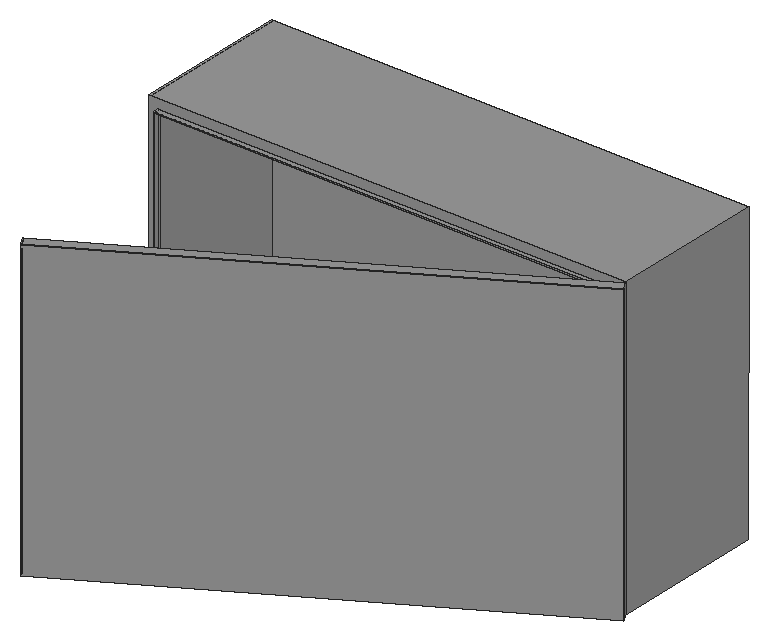
Revit family "Hager-Univers-IP55-D275-H500-Cl.II-Steel_encl-NoHosted-SE-en", category Equipement électrique, Revit 2020
Family settings
  Configuration du panneau = Deux colonnes, circuits au sein
  Cote de connecteur circulaire = Utiliser le diamètre
  Type d'élément = Tableau de raccordement
  Basée sur le plan de construction = Oui
  Toujours verticalement = Oui
  Couper avec des vides une fois chargée = Non
  Partagée = Non
  Point de calcul de pièce = Non
Parameters (values of type "Surface mounted (plaster) IP55 W800 H500 D275  - FR33S")
  Width Control [instance] = if([EF000008 - Width] > Min Width, [EF000008 - Width], Min Width)  # 800 mm
  Commentaires du type = [HG000003 - Range]  # "Univers"
  Thickness Door [instance] = if([EF009171 - Material plate thickness door/cover] > 3 mm, 3 mm, [EF009171 - Material plate thickness door/cover])  # 1.5 mm
  Seal Frame Offset [instance] = 17 mm  # constant formula
  Plinth Visibility [instance] = [HG000027 - Plinth height] > 0 mm  # no
  Min Width [instance] = 100 mm  # constant formula
  Min Depth [instance] = (2 * [EF009170 - Material plate thickness cabinet]) + 1 mm  # 4 mm
  Min Height [instance] = 100 mm  # constant formula
  Internal Frame Depth [instance] = (Door System Depth * 0.5)  # 9 mm
  Panel Name [instance] = ""  # (empty or 0)
  Model = ""
  HG000027 - Plinth height = 0 mm
  HG000026 - Floor standing = no
  HG000024 - Bottom section height = 600 mm
  HG000023 - Double section enclosure = no
  HG000016 - Door 3d visibility [instance] = yes
  HG000015 - Clearance visibility [instance] = no
  HG000014 - Door on the right [instance] = yes
  HG000013 - Door on the left [instance] = not([HG000014 - Door on the right])  # no
  HG000012 - Door swing angle [instance] = 30.00°
  HG000010 - Asymmetric doors = no
  HG000009 - Double swing door = no
  HG000006 - Flush mounted = no
  HG000004 - Manufacturer reference = "FR33S"
  HG000003 - Range = "Univers"
  HG000002 - With door or cover = yes
  Frame Offset Bottom [instance] = 10 mm  # constant formula
  Frame Offset [instance] = 15 mm  # constant formula
  EF015940 - Cover with overpressure release = no
  EF011959 - Degree of protection (NEMA) = ""
  EF009554 - Number of openings for flange plates = 6
  EF009212 - Cover model = "EV000116 - Closed"
  EF009171 - Material plate thickness door/cover = 1.5 mm
  EF009170 - Material plate thickness cabinet = 1.5 mm
  EF008873 - Nominal current (In) = 800 A
  EF007800 - Suitable for lightning protection = no
  EF006306 - With lock = no
  EF006244 - Transparent cover/door = no
  EF005474 - Degree of protection (IP) = "EV006420 - IP55"
  EF004464 - Type of door = "EV002646 - Single"
  EF004427 - Number of modules = 108
  EF004293 - Impact strength = "EV008784 - IK10"
  EF003532 - Suitable for outdoor use = no
  EF002950 - Width in number of modular spacings = 24
  EF001613 - Circuit integrity = "EV000494 - None"
  EF001596 - Material housing = "EV000179 - Steel"
  EF001131 - Internal depth = 275 mm
  EF001088 - Extension possible = yes
  EF000437 - Number of conduit inlets = 6
  EF000339 - Type of cover = "EV004216 - Door"
  EF000266 - Number of rows = 3
  EF000218 - Built-in depth = 0 mm
  EF000118 - With mounting plate = no
  EF000116 - RAL-number = "7035"
  EF000049 - Depth = 275 mm
  EF000040 - Height = 500 mm
  EF000008 - Width = 800 mm
  EF000007 - Colour = "EV000270 - Grey"
  EF000003 - Mounting method = "EV000384 - Surface mounted (plaster)"
  Door System Leaf Tolerance [instance] = 1.5 mm  # constant formula
  Door System Depth [instance] = 18 mm  # constant formula
  Door Height [instance] = Height Control - [HG000027 - Plinth height]  # 500 mm
  Description = ""
  Default Elevation = 1219.2 mm
  Connector Offset [instance] = Height Control / 2  # 250 mm
  Fabricant = "Hager"  # constant formula
  Height Control [instance] = if([EF000040 - Height] > Min Height, [EF000040 - Height], Min Height)  # 500 mm
  Depth Control [instance] = if([EF000049 - Depth] > Min Depth, [EF000049 - Depth], Min Depth)  # 275 mm
  Bottom Top Plate Trim [instance] = 1.5 mm  # constant formula
  Plinth height Ctrl [instance] = if([HG000027 - Plinth height] > 0 mm, [HG000027 - Plinth height], 12 mm)  # 12 mm
Types (5, lengths in mm): name | Width Control | HG000010 - Asymmetric doors | HG000009 - Double swing door | HG000004 - Manufacturer reference | EF009554 - Number of openings for flange plates | EF004464 - Type of door | EF004427 - Number of modules | EF000437 - Number of conduit inlets | EF000008 - Width
  Surface mounted (plaster) IP55 W1050 H500 D275  - FR34S | 1050 | no | yes | "FR34S" | 8 | "EV003602 - Double" | 144 | 8 | 1050
  Surface mounted (plaster) IP55 W1300 H500 D275  - FR35S | 1300 | yes | yes | "FR35S" | 10 | "EV003602 - Double" | 180 | 10 | 1300
  Surface mounted (plaster) IP55 W300 H500 D275  - FR31S | 300 | no | no | "FR31S" | 2 | "EV002646 - Single" | 36 | 2 | 300
  Surface mounted (plaster) IP55 W550 H500 D275  - FR32S | 550 | no | no | "FR32S" | 4 | "EV002646 - Single" | 72 | 4 | 550
  Surface mounted (plaster) IP55 W800 H500 D275  - FR33S | 800 | no | no | "FR33S" | 6 | "EV002646 - Single" | 108 | 6 | 800
Reference planes
  plane 1 "Center (Front/Back)": y = 0
  plane 2: z = 0
  plane 3 "Center (Left/Right)": x = 0
  plane 4: y = 0
  plane 5: y = 0
  plane 6: z = 0
  plane 7: x = -400
  plane 8: x = 400
  plane 9: x = 398.5
  plane 10: x = -398.5
  plane 11: z = 0
  plane 12: z = 1.5
  plane 13: y = -275
  plane 14: y = -1.5
  plane 15: x = 0
  plane 16: y = -257
  plane 17: y = -273.5
  plane 18: y = -255.5
  plane 19: x = -383.5
  plane 20: x = 383.5
  plane 21: z = 11.5
  plane 22: x = -383
  plane 23: x = 383
  plane 24: z = 0
  plane 25: z = 500
  plane 26: z = 500
  plane 27: z = 483.5
  plane 28: z = 498.5
Forms (mm)
  Extrusion 1, solid, material "Hager_Steel_RAL7035_Light_Grey", detail levels medium+fine
    sketch origin (-208.679, -4572, 0) x (-1, 0, 0) y (0, -1, 0)
      loop
        line (191.321, -4315) -> (-608.679, -4315) -> (-608.679, -4572) -> (191.321, -4572) -> (191.321, -4315)
    from 0 to 500
  Extrusion 2, void
    sketch origin (-350.771, -275, 1219.2) x (1, 0, 0) y (0, 0, 1)
      loop
        line (-47.729, -720.7) -> (-47.729, -1217.7) -> (749.271, -1217.7) -> (749.271, -720.7) -> (-47.729, -720.7)
    from -19.5 to -273.5
  Extrusion 3, void
    sketch origin (-290.084, -257, 1219.2) x (1, 0, 0) y (0, 0, 1)
      loop
        line (-93.416, -1207.7) -> (673.584, -1207.7) -> (673.584, -735.7) -> (-93.416, -735.7) -> (-93.416, -1207.7)
    from 0 to -1.5
  Extrusion 4, solid, material "Hager_Steel_RAL7035_Light_Grey", visible <- "Plinth Visibility", detail levels medium+fine
    sketch origin (0, 0, 0) x (1, 0, 0) y (0, 1, 0)
      loop
        line (-400, 0) -> (-400, -257) -> (400, -257) -> (400, 0) -> (-400, 0)
    from 0 to 12 <- "Plinth height Ctrl"
  Extrusion 5, solid, material "Hager_Steel_RAL7035_Light_Grey", detail levels coarse
    sketch origin (0, 0, 0) x (1, 0, 0) y (0, 1, 0)
      loop
        line (-400, 0) -> (-400, -275) -> (400, -275) -> (400, 0) -> (-400, 0)
    from 0 to 500 <- "Height Control"
  Sweep 6, void
    path in 3D
      loop
        line (-400, -257, 12) -> (400, -257, 12) -> (400, 0, 12) -> (-400, 0, 12) -> (-400, -257, 12)
    profile origin (-400, -128.5, 12) x (1, 0, 0) y (0, 0, 1)
      loop
        line (0, 0) -> (0, -1.5) -> (1.5, -1.5)
        arc (1.5, -1.5) -> (1.061, -0.439) -> (0, 0) r 1.5
  Extrusion 7, solid, material "Hager_Steel_RAL7035_Light_Grey", detail levels fine
    sketch origin (-400, -257, 0) x (1, 0, 0) y (0, 0, 1)
      loop
        line (16.5, 11.5) -> (783.5, 11.5) -> (783.5, 483.5) -> (16.5, 483.5) -> (16.5, 11.5)
      loop
        line (15, 10) -> (785, 10) -> (785, 485) -> (15, 485) -> (15, 10)
    from 0 to 9 <- "Internal Frame Depth"
Cuts and joins
  Extrusion 2, Extrusion 3 cuts Extrusion 1
  Sweep 6 cuts Extrusion 4
Lines and regions (mm)
  Masking region 1
    outline origin (0, 0, 0) x (1, 0, 0) y (0, 1, 0)
      loop
        line (-400, 0) -> (-400, -275) -> (400, -275) -> (400, 0) -> (-400, 0)
  Masking region 2, detail levels coarse
    outline origin (-290.084, -257, 1219.2) x (-1, 0, 0) y (0, 0, 1)
      loop
        line (-690.084, -1219.2) -> (109.916, -1219.2) -> (109.916, -719.2) -> (-690.084, -719.2) -> (-690.084, -1219.2)
  Masking region 3, detail levels coarse
    outline origin (0, 0, 0) x (0, 1, 0) y (0, 0, 1)
      loop
        line (0, 0) -> (0, 500) -> (-275, 500) -> (-275, 0) -> (0, 0)
  Masking region 4, visible <- "Plinth Visibility", detail levels medium+fine
    outline origin (0, 0, 0) x (0, 1, 0) y (0, 0, 1)
      loop
        line (-1.5, 12) -> (-255.5, 12)
        arc (-255.5, 12) -> (-255.939, 10.939) -> (-257, 10.5) r 1.5
        line (-257, 10.5) -> (-257, 0) -> (0, 0) -> (0, 10.5)
        arc (0, 10.5) -> (-1.061, 10.939) -> (-1.5, 12) r 1.5
  Masking region 5, detail levels medium+fine
    outline origin (0, 0, 594.038) x (0, 1, 0) y (0, 0, 1)
      loop
        line (0, -594.038) -> (0, -94.038) -> (-257, -94.038) -> (-257, -594.038) -> (0, -594.038)
  Masking region 6, detail levels medium+fine
    outline origin (-359.7, -257, 1211.883) x (-1, 0, 0) y (0, 0, 1)
      loop
        line (-759.7, -1211.883) -> (40.3, -1211.883) -> (40.3, -711.883) -> (-759.7, -711.883) -> (-759.7, -1211.883)
  Masking region 7, visible <- "Plinth Visibility", detail levels medium+fine
    outline origin (-320.334, -257, 1041.368) x (-1, 0, 0) y (0, 0, 1)
      loop
        line (-720.334, -1041.368) -> (79.666, -1041.368) -> (79.666, -1030.868)
        arc (79.666, -1030.868) -> (78.606, -1030.429) -> (78.166, -1029.368) r 1.5
        line (78.166, -1029.368) -> (-718.834, -1029.368)
        arc (-718.834, -1029.368) -> (-719.273, -1030.429) -> (-720.334, -1030.868) r 1.5
        line (-720.334, -1030.868) -> (-720.334, -1041.368)
  sketch lines
    curve 1: line (-400, 0, 12) -> (-400, -257, 12)
    curve 2: line (-400, -257, 12) -> (400, -257, 12)
    curve 3: line (400, 0, 12) -> (-400, 0, 12)
    curve 4: line (400, -257, 12) -> (400, 0, 12)
Dimensions and locks
  locked: plane 1 "Center (Front/Back)" to plane 5
  "EF009170 - Material plate thickness cabinet": plane 7 to plane 10
  "EF009170 - Material plate thickness cabinet": plane 8 to plane 9
  equal spacing: plane 7, plane 3 "Center (Left/Right)", plane 8
  "Width Control": plane 7 to plane 8
  "Depth Control": plane 4 to plane 13
  "EF009170 - Material plate thickness cabinet": plane 4 to plane 14
  "Height Control": plane 25 to level
  "HG000027 - Plinth height": plane 11 to level
  "EF009170 - Material plate thickness cabinet": plane 12 to plane 11
  "EF009170 - Material plate thickness cabinet": plane 17 to plane 13
  "EF009170 - Material plate thickness cabinet": plane 18 to plane 16
  "Frame Offset Bottom": plane 21 to plane 12
  "Frame Offset": plane 10 to plane 19
  "Frame Offset": plane 9 to plane 20
  "Door System Depth": plane 16 to plane 13
  "Seal Frame Offset": plane 7 to plane 22
  "Seal Frame Offset": plane 8 to plane 23
  "EF009170 - Material plate thickness cabinet": plane 26 to plane 28
  "Frame Offset": plane 28 to plane 27
  "Connector Offset": plane 2 to connector elem
  "Bottom Top Plate Trim": profile plane to Sweep 6 sketch curve
  "Bottom Top Plate Trim": Sweep 6 sketch curve to Sweep 6 sketch curve
  "Plinth height Ctrl": Masking region 4 sketch curve to level
  "Plinth height Ctrl": Masking region 7 sketch curve to level
  "Thickness Door": Extrusion 7 sketch curve to Extrusion 7 sketch curve  (x4)
  "Bottom Top Plate Trim": radius of Sweep 6 sketch curve
  "Bottom Top Plate Trim": radius of Masking region 4 sketch curve  (x2)
  "Bottom Top Plate Trim": radius of Masking region 7 sketch curve  (x2)
  aligned and locked: Extrusion 2 sketch curve to plane 12
  aligned and locked: Extrusion 2 sketch curve to plane 9
  aligned and locked: Extrusion 2 sketch curve to plane 10
  aligned and locked: Extrusion 2 to plane 14
  aligned and locked: Extrusion 1 sketch curve to plane 4
  aligned and locked: plane 8 to Extrusion 1 sketch curve
  aligned and locked: plane 7 to Extrusion 1 sketch curve
  aligned and locked: Extrusion 2 to plane 18
  aligned and locked: plane 19 to Extrusion 3 sketch curve
  aligned and locked: plane 20 to Extrusion 3 sketch curve
  aligned and locked: Extrusion 3 to Extrusion 2
  aligned and locked: Extrusion 3 sketch curve to plane 21
  aligned and locked: plane 3 "Center (Left/Right)" to nested 1
  aligned and locked: Extrusion 1 sketch curve to plane 16
  aligned and locked: Extrusion 4 sketch curve to cut or joined group of Extrusion 1, Extrusion 2, Extrusion 3
  aligned and locked: Masking region 1 sketch curve to plane 7
  aligned and locked: Masking region 1 sketch curve to plane 5
  aligned and locked: Masking region 1 sketch curve to plane 8
  aligned and locked: Masking region 2 sketch curve to level
  aligned and locked: level to Masking region 3 sketch curve
  aligned and locked: plane 1 "Center (Front/Back)" to Masking region 3 sketch curve
  aligned and locked: plane 13 to Masking region 3 sketch curve
  aligned and locked: plane 5 to Masking region 4 sketch curve
  aligned and locked: Masking region 2 sketch curve to plane 8
  aligned and locked: Masking region 2 sketch curve to plane 7
  aligned and locked: plane 7 to nested 2
  aligned and locked: nested 2 to plane 5
  aligned and locked: plane 5 to Masking region 5 sketch curve
  aligned and locked: plane 26 to Masking region 5 sketch curve
  aligned and locked: Extrusion 5 sketch curve to plane 8
  aligned and locked: Extrusion 5 sketch curve to plane 7
  aligned and locked: Extrusion 5 sketch curve to plane 5
  aligned and locked: Extrusion 3 sketch curve to plane 27
  aligned and locked: Extrusion 2 sketch curve to plane 28
  aligned and locked: Masking region 2 to plane 25
  aligned and locked: Extrusion 4 to plane 16
  aligned and locked: profile plane to Sweep 6 sketch curve
  aligned and locked: Masking region 5 sketch curve to plane 24
  aligned and locked: level to Masking region 4 sketch curve
  aligned and locked: Masking region 1 to plane 13
  aligned and locked: nested 1 to plane 16
  aligned and locked: Masking region 3 to plane 25
  aligned and locked: plane 16 to Masking region 4 sketch curve
  aligned and locked: Masking region 5 sketch curve to plane 16
  aligned and locked: plane 24 to plane 11
  aligned and locked: plane 26 to plane 25
  aligned and locked: plane 26 to cut or joined group of Extrusion 1, Extrusion 2, Extrusion 3
  aligned and locked: nested 1 to plane 24
  aligned and locked: Extrusion 1 to Extrusion 3
  aligned and locked: Masking region 6 sketch curve to plane 8
  aligned and locked: Masking region 6 sketch curve to plane 24
  aligned and locked: Masking region 6 sketch curve to plane 7
  aligned and locked: Masking region 6 sketch curve to plane 26
  aligned and locked: Masking region 7 sketch curve to plane 7
  aligned and locked: level to Masking region 7 sketch curve
  aligned and locked: Masking region 7 sketch curve to plane 8
  aligned and locked: Extrusion 7 sketch curve to cut or joined group of Extrusion 1, Extrusion 2, Extrusion 3  (x4)
Automatic sketch dimensions
  plane 19 to Extrusion 3 sketch curve = 0 mm
  Extrusion 3 sketch curve to plane 20 = 0 mm
  Extrusion 3 sketch curve to plane 21 = 0 mm
  Extrusion 4 sketch curve to plane 7 = 0 mm
  Extrusion 4 sketch curve to plane 8 = 0 mm
  Extrusion 4 sketch curve to plane 16 = 0 mm
  Masking region 1 sketch curve to plane 13 = 0 mm
  Masking region 2 sketch curve to plane 25 = 0 mm
  Masking region 3 sketch curve to plane 25 = 0 mm
  Extrusion 5 sketch curve to plane 13 = 0 mm
  profile plane to Sweep 6 sketch curve = 0 mm
Nested families
  nested 1: "EC000058_Univers_Door" at (0, -257, 0), Double <- "HG000009 - Double swing door", Transparent <- "EF006244 - Transparent cover/door", Angle <- "HG000012 - Door swing angle", Door_Right <- "HG000014 - Door on the right", Assymetrical <- "HG000010 - Asymmetric doors", Door <- "HG000002 - With door or cover", Width_Ctrl <- "Width Control", 3d_Door <- "HG000016 - Door 3d visibility", Clearance <- "HG000015 - Clearance visibility", Door_Left <- "HG000013 - Door on the left", Width <- "Width Control", Door_Depth <- "Door System Depth", Leaf_Tolerance <- "Door System Leaf Tolerance", Height <- "Door Height", Lock_Visibility <- "EF006306 - With lock", Thickness <- "Thickness Door", type "EC000058_Univers_Door", detail levels medium+fine
    with min_wh 4 mm, Width_Ctrl 800 mm, Width 800 mm, Transparent no, Thickness 1.5 mm, Seal_Material Hager_Rubber, Lock_Visibility no, Lock_Material Hager_Plastic_RAL9005_Jet_Black, Leaf_Width 800 mm, Leaf_Tolerance_External_Sides 0 mm, Leaf_Tolerance 1.5 mm, Leaf_Offset 0 mm, Leaf_Height 497 mm, Leaf_2_Width 800 mm, Leaf_2_Offset 400 mm, Leaf_1_Width 800 mm, Leaf_1_Offset 400 mm, Height_Ctrl 500 mm, Height 500 mm, Glass_Material Hager_Glass, Double_Clearance_Ctrl no, Double no, Door_Right_Ctrl yes, Door_Right yes, Door_Material Hager_Steel_RAL7035_Light_Grey, Door_Left_Ctrl no, Door_Left no, Door_Depth 18 mm, Door yes, Clearance_Material Hager_Clearance, Clearance_Depth 800 mm, Clearance_Ctrl no, Clearance no, Assymetrical no, Angle 30.00°, 3d_Door yes
  nested 2: "Hager_Enclosure_Symbol" at (-400, 0, 0), Height <- "Depth Control", Width <- "Width Control", type "Hager_Enclosure_Symbol"
    with Width_Ctrl 800 mm, Width 800 mm, Height_Ctrl 275 mm, Height 275 mm, A_Width_Int 18.047 mm, A_Width 216.562 mm, A_Height_Ctrl 240.625 mm, A_Height 240.625 mm
Connectors
  electrical at (0, 0, 250)
    settings: on plane 1 "Center (Front/Back)", index 1, voltage 0 V, apparent load 0 VA, apparent load phase1 0 VA, apparent load phase2 0 VA, apparent load phase3 0 VA, power factor 1, load classification "Other", number of poles 1, system type 30, power factor state 1, is connector primary yes, connector utility no, sub classification motor no, connector description ""
Definition of nested family "EC000058_Univers_Door"
  Parameters (values of type "EC000058_Univers_Door")
    min_wh [instance] = (2 * Thickness) + 1 mm  # 11 mm
    Width_Ctrl [instance] = 400 mm
    Width [instance] = 500 mm
    Transparent [instance] = yes
    Thickness [instance] = 5 mm
    Seal_Material [instance] = none
    Lock_Visibility [instance] = yes
    Lock_Material [instance] = none
    Leaf_Width [instance] = if((Width_Ctrl - 2 * Leaf_Tolerance_External_Sides) > 0 mm, (Width_Ctrl - 2 * Leaf_Tolerance_External_Sides), min_wh)  # 400 mm
    Leaf_Tolerance_External_Sides [instance] = 0 mm  # constant formula
    Leaf_Tolerance [instance] = 1.5 mm
    Leaf_Offset [instance] = 0 mm  # constant formula
    Leaf_Height [instance] = if((Height_Ctrl - 2 * Leaf_Tolerance) > 0 mm, (Height_Ctrl - 2 * Leaf_Tolerance), min_wh)  # 497 mm
    Leaf_2_Width [instance] = if(and(and(Double, Assymetrical), Door_Left), (Leaf_Width / 3) - (Leaf_Tolerance / 2), if(and(and(Double, Assymetrical), Door_Right), (Leaf_Width / 3) * 2 - (Leaf_Tolerance / 2), if(and(Double, not(Assymetrical)), (Leaf_Width / 2) - Leaf_Tolerance, Leaf_Width)))  # 400 mm
    Leaf_2_Offset [instance] = if(and(Double, Assymetrical), Leaf_2_Width / 2, if(and(Double, not(Assymetrical)), Leaf_Width / 4, Leaf_Width / 2))  # 200 mm
    Leaf_1_Width [instance] = if(and(and(Double, Assymetrical), Door_Right), (Leaf_Width / 3) - (Leaf_Tolerance / 2), if(and(and(Double, Assymetrical), Door_Left), (Width / 3) * 2 - (Leaf_Tolerance / 2), if(and(Double, not(Assymetrical)), (Leaf_Width / 2) - Leaf_Tolerance, Leaf_Width)))  # 400 mm
    Leaf_1_Offset [instance] = if(and(Double, Assymetrical), Leaf_1_Width / 2, if(and(Double, not(Assymetrical)), Leaf_Width / 4, Leaf_Width / 2))  # 200 mm
    Height_Ctrl [instance] = if(Height > min_wh, Height, min_wh)  # 500 mm
    Height [instance] = 500 mm
    Glass_Material [instance] = none
    Double_Clearance_Ctrl [instance] = and(Double, Clearance)  # no
    Double [instance] = no
    Door_Right_Ctrl [instance] = and(or(Door_Right, Double), Door)  # yes
    Door_Right [instance] = yes
    Door_Material [instance] = none
    Door_Left_Ctrl [instance] = and(or(Door_Left, Double), Door)  # no
    Door_Left [instance] = no
    Door_Depth [instance] = 30 mm
    Door [instance] = yes
    Default Elevation = 1219.2 mm
    Clearance_Material [instance] = none
    Clearance_Depth [instance] = if(Leaf_1_Width > Leaf_2_Width, Leaf_1_Width, Leaf_2_Width)  # 400 mm
    Clearance_Ctrl [instance] = and(not(Double), Clearance)  # yes
    Clearance [instance] = yes
    Assymetrical [instance] = yes
    Angle [instance] = 30.00°
    3d_Door [instance] = yes
  Reference planes
    plane 1 "Center (Front/Back)": y = 0
    plane 2 "Bottom": z = 0
    plane 3 "Center (Left/Right)": x = 0
    plane 4: z = 500
    plane 5: x = -200
    plane 6: x = 200
    plane 7: z = 500
    plane 8: x = -200
    plane 9: z = 0
    plane 10: x = 200
    plane 11: y = 0
    plane 12: z = 1.5
    plane 13: x = -600
    plane 14: y = -400
    plane 15: x = 600
    plane 16: x = 0
    plane 17: x = 0
    plane 18: x = -200
    plane 19: x = 200
    plane 20: z = 498.5
  Forms (mm)
    Extrusion 1, solid, material <- "Clearance_Material", visible <- "Double_Clearance_Ctrl"
      sketch origin (1200, 0, 0) x (1, 0, 0) y (0, 0, -1)
        loop
          line (-1800, -498.5) -> (-600, -498.5) -> (-600, 0) -> (-1800, 0) -> (-1800, -498.5)
      from 0 to -400
  Dimensions and locks
    equal spacing: plane 5, plane 3 "Center (Left/Right)", plane 6
    "Width_Ctrl": plane 5 to plane 6
    "Leaf_Offset": plane 5 to plane 8
    "Leaf_Offset": plane 6 to plane 10
    "Leaf_Offset": plane 9 to level
    "Leaf_Offset": plane 4 to plane 7
    "Height_Ctrl": plane 4 to level
    "Leaf_Tolerance": plane 12 to plane 9
    locked: plane 11 to plane 1 "Center (Front/Back)"
    "Leaf_1_Offset": plane 18 to plane 16
    "Leaf_2_Offset": plane 17 to plane 19
    "Leaf_1_Width": plane 13 to plane 8
    "Leaf_2_Width": plane 10 to plane 15
    "Clearance_Depth": plane 14 to plane 1 "Center (Front/Back)"
    "Leaf_Tolerance_External_Sides": plane 8 to plane 18
    "Leaf_Tolerance_External_Sides": plane 19 to plane 10
    "Leaf_Tolerance": plane 7 to plane 20
    aligned and locked: level to plane 2 "Bottom"
    aligned and locked: nested 1 to plane 16
    aligned and locked: nested 2 to plane 17
    aligned and locked: Extrusion 1 to plane 13
    aligned and locked: plane 15 to Extrusion 1
    aligned and locked: Extrusion 1 to plane 14
    aligned and locked: plane 12 to nested 1
    aligned and locked: nested 2 to plane 12
    aligned and locked: Extrusion 1 to plane 11
    aligned and locked: plane 20 to Extrusion 1
    aligned and locked: nested 2 to plane 11
    aligned and locked: nested 1 to plane 11
  Automatic sketch dimensions
    Extrusion 1 sketch curve to level = 0 mm
    plane 5 to Extrusion 1 sketch curve = 400 mm
    plane 6 to Extrusion 1 sketch curve = 400 mm
    Extrusion 1 sketch curve to plane 4 = 1.5 mm
  Nested families
    nested 1: "EC000058_Univers_Door_Leaf" at (0, 0, 1.5), Width <- "Leaf_1_Width", visible <- "Door_Left_Ctrl", Leaf_Height <- "Leaf_Height", Angle <- "Angle", 3d_Door <- "3d_Door", Transparent <- "Transparent", Clearance Material <- "Clearance_Material", Clearance <- "Clearance_Ctrl", Door_Material <- "Door_Material", Glass_Material <- "Glass_Material", Door_Depth <- "Door_Depth", Lock_Material <- "Lock_Material", Seal_Material <- "Seal_Material", Lock_Visibility <- "Lock_Visibility", Thickness <- "Thickness", type "EC000058_Univers_Door_Leaf"
      with Width 400 mm, Transparent_Glass_Offset 30 mm, Transparent_Ctrl yes, Transparent yes, Thickness 5 mm, Standard no, Seal_Material none, Seal_D2 8 mm, Seal_D1 1 mm, Offset_Internal_Frame 10 mm, Lock_Width 20 mm, Lock_Visibility_3d yes, Lock_Visibility yes, Lock_Thickness_3 3 mm, Lock_Thickness_2 1 mm, Lock_Thickness_1 3 mm, Lock_Radius_Offset_2 16 mm, Lock_Radius_Offset_1 15 mm, Lock_Radius_2 5 mm, Lock_Radius 6 mm, Lock_Offset 5 mm, Lock_Material none, Lock_Height 80 mm, Lock_Cover_Top_Offset_2d 17 mm, Lock_Cover_Height -65 mm, Leaf_Height 497 mm, Internal_Seal_Thickness 8 mm, Internal_Seal_Depth_2 4.5 mm, Internal_Frame_Depth 25 mm, Glass_Thickness -1 mm, Glass_Offset -2 mm, Glass_Material none, Door_Material none, Door_Depth 30 mm, Clearance Material none, Clearance yes, Angle_Ctrl 30.00°, Angle 30.00°, 3d_Door yes
    nested 2: "EC000058_Univers_Door_Leaf" at (0, 0, 1.5) x (-1, 0, 0) z (0, 0, 1), Width <- "Leaf_2_Width", visible <- "Door_Right_Ctrl", Leaf_Height <- "Leaf_Height", Angle <- "Angle", 3d_Door <- "3d_Door", Transparent <- "Transparent", Clearance Material <- "Clearance_Material", Clearance <- "Clearance_Ctrl", Door_Material <- "Door_Material", Glass_Material <- "Glass_Material", Door_Depth <- "Door_Depth", Lock_Material <- "Lock_Material", Seal_Material <- "Seal_Material", Lock_Visibility <- "Lock_Visibility", Thickness <- "Thickness", type "EC000058_Univers_Door_Leaf"
      with Width 400 mm, Transparent_Glass_Offset 30 mm, Transparent_Ctrl yes, Transparent yes, Thickness 5 mm, Standard no, Seal_Material none, Seal_D2 8 mm, Seal_D1 1 mm, Offset_Internal_Frame 10 mm, Lock_Width 20 mm, Lock_Visibility_3d yes, Lock_Visibility yes, Lock_Thickness_3 3 mm, Lock_Thickness_2 1 mm, Lock_Thickness_1 3 mm, Lock_Radius_Offset_2 16 mm, Lock_Radius_Offset_1 15 mm, Lock_Radius_2 5 mm, Lock_Radius 6 mm, Lock_Offset 5 mm, Lock_Material none, Lock_Height 80 mm, Lock_Cover_Top_Offset_2d 17 mm, Lock_Cover_Height -65 mm, Leaf_Height 497 mm, Internal_Seal_Thickness 8 mm, Internal_Seal_Depth_2 4.5 mm, Internal_Frame_Depth 25 mm, Glass_Thickness -1 mm, Glass_Offset -2 mm, Glass_Material none, Door_Material none, Door_Depth 30 mm, Clearance Material none, Clearance yes, Angle_Ctrl 30.00°, Angle 30.00°, 3d_Door yes
  Definition of nested family "EC000058_Univers_Door_Leaf"
    Parameters (values of type "EC000058_Univers_Door_Leaf")
      Width [instance] = 2000 mm
      Transparent_Glass_Offset [instance] = 30 mm
      Transparent_Ctrl [instance] = and(Transparent, [3d_Door])  # yes
      Transparent [instance] = yes
      Thickness [instance] = 5 mm
      Standard [instance] = and(not(Transparent), [3d_Door])  # no
      Seal_Material [instance] = none
      Seal_D2 [instance] = 8 mm  # constant formula
      Seal_D1 [instance] = 1 mm  # constant formula
      Offset_Internal_Frame [instance] = 10 mm  # constant formula
      Lock_Width [instance] = 20 mm  # constant formula
      Lock_Visibility_3d [instance] = and(Lock_Visibility, [3d_Door])  # yes
      Lock_Visibility [instance] = yes
      Lock_Thickness_3 [instance] = 3 mm  # constant formula
      Lock_Thickness_2 [instance] = 1 mm  # constant formula
      Lock_Thickness_1 [instance] = 3 mm  # constant formula
      Lock_Radius_Offset_2 [instance] = Lock_Radius_Offset_1 + 1 mm  # 16 mm
      Lock_Radius_Offset_1 [instance] = 15 mm  # constant formula
      Lock_Radius_2 [instance] = Lock_Radius - 1 mm  # 5 mm
      Lock_Radius [instance] = 6 mm  # constant formula
      Lock_Offset [instance] = 5 mm  # constant formula
      Lock_Material [instance] = none
      Lock_Height [instance] = 80 mm  # constant formula
      Lock_Cover_Top_Offset_2d [instance] = Lock_Radius_Offset_2 + 1 mm  # 17 mm
      Lock_Cover_Height [instance] = -(Lock_Height - Lock_Radius_Offset_1)  # -65 mm
      Leaf_Height [instance] = 2720.336 mm
      Internal_Seal_Thickness [instance] = 8 mm  # constant formula
      Internal_Seal_Depth_2 [instance] = 4.5 mm  # constant formula
      Internal_Frame_Depth [instance] = if(Door_Depth - Thickness > 5 mm, Door_Depth - Thickness, 5 mm)  # 25 mm
      Glass_Thickness [instance] = if(Thickness > 15 mm, Glass_Offset + 10 mm, -1 mm)  # -1 mm
      Glass_Offset [instance] = if(Thickness > 15 mm, -(Thickness + 10 mm) / 2, -2 mm)  # -2 mm
      Glass_Material [instance] = none
      Door_Material [instance] = none
      Door_Depth [instance] = 30 mm
      Default Elevation = 0 mm
      Clearance Material [instance] = none
      Clearance [instance] = yes
      Angle_Ctrl [instance] = if(Angle > 180.00°, 180.00°, Angle)  # 90.00°
      Angle [instance] = 90.00°
      3d_Door [instance] = yes
    Reference planes
      plane 1 "Center (Front/Back)": y = 0
      plane 2: z = 0
      plane 3 "Center (Left/Right)": x = 0
      plane 4: y = 2000
      plane 5: x = -1000
      plane 6: x = 1000
      plane 7: x = -3000
      plane 8: z = 2720.336
      plane 9: z = 30
      plane 10: z = 2690.336
      plane 11: x = 970
      plane 12: x = -970
      plane 13: y = -3
      plane 14: z = 107.833
      plane 15: y = -5
      plane 16: y = -223.314
      plane 17: x = -1000
      plane 18: z = 1360.168
      plane 19: y = 30
    Forms (mm)
      Extrusion 1, solid, material <- "Clearance Material", visible <- "Clearance"
        sketch origin (0, 0, 0) x (1, 0, 0) y (0, 0, 1)
          loop
            line (-3000, 2720.336) -> (-3000, 0) -> (1000, 0) -> (1000, 2720.336) -> (-3000, 2720.336)
        from 0 to -2000
      Extrusion 2, solid, material <- "Door_Material", visible <- "Standard", detail levels medium+fine
        sketch origin (-1000, 0, 0) x (0, 1, 0) y (-1, 0, 0)
          loop
            line (0, 30) -> (0, 25) -> (2000, 25) -> (2000, 30) -> (0, 30)
        from 0 to 2720.336 <- "Leaf_Height"
      Extrusion 3, solid, material <- "Door_Material", visible <- "Transparent_Ctrl", detail levels medium+fine
        sketch origin (-1000, 0, 0) x (0, 1, 0) y (-1, 0, 0)
          loop
            line (0, 25) -> (2000, 25) -> (2000, 30) -> (0, 30) -> (0, 25)
        from 0 to 2720.336 <- "Leaf_Height"
      Extrusion 4, void
        sketch origin (-1025, 2000, 0) x (0, 1, 0) y (0, 0, -1)
          loop
            line (-30, -2690.336) -> (-30, -30) -> (-1970, -30) -> (-1970, -2690.336) -> (-30, -2690.336)
        from 0 to 5 <- "Thickness"
      Sweep 5, solid, material <- "Seal_Material", visible <- "Transparent_Ctrl", detail levels fine
        path in 3D
          loop
            line (-1025, 30, 30) -> (-1025, 30, 2690.336) -> (-1025, 1970, 2690.336) -> (-1025, 1970, 30) -> (-1025, 30, 30)
        profile origin (-1025, 1000, 30) x (1, 0, 0) y (0, 0, 1)
          loop
            line (0, 0) -> (0, -8) -> (1, -8) -> (1, 0) -> (0, 0)
      Extrusion 6, solid, material <- "Glass_Material", visible <- "Transparent_Ctrl", detail levels medium+fine
        sketch origin (-1030, 0, 0) x (0, 1, 0) y (0, 0, -1)
          loop
            line (1970, -2690.336) -> (1970, -30) -> (30, -30) -> (30, -2690.336) -> (1970, -2690.336)
        from -2 <- "Glass_Offset" to -1 <- "Glass_Thickness"
      Extrusion 7, solid, material <- "Door_Material", visible <- "3d_Door", detail levels medium+fine
        sketch origin (-1025, 2000, 0) x (0, -1, 0) y (0, 0, -1)
          loop
            line (0, -2720.336) -> (2000, -2720.336) -> (2000, 0) -> (0, 0) -> (0, -2720.336)
          loop
            line (1995, -5) -> (5, -5) -> (5, -2715.336) -> (1995, -2715.336) -> (1995, -5)
        from 0 to 25 <- "Internal_Frame_Depth"
      Sweep 8, solid, material <- "Seal_Material", visible <- "Transparent_Ctrl", detail levels fine
        path in 3D
          loop
            line (-1025, 0, 0) -> (-1025, 2000, 0) -> (-1025, 2000, 2720.336) -> (-1025, 0, 2720.336) -> (-1025, 0, 0)
        profile origin (-1025, 0, 1360.168) x (1, 0, 0) y (0, 1, 0)
          loop
            line (0, 10) -> (2.975, 10)
            arc (2.975, 10) -> (4.053, 10.447) -> (4.5, 11.525) r 1.525
            line (4.5, 11.525) -> (4.5, 16.527)
            arc (4.5, 16.527) -> (4.069, 17.569) -> (3.027, 18) r 1.473
            line (3.027, 18) -> (0, 18) -> (0, 10)
      Extrusion 9, solid, material <- "Lock_Material", visible <- "Lock_Visibility_3d", detail levels fine
        sketch origin (-1030, 0, 0) x (0, 1, 0) y (0, 0, -1)
          loop
            arc (1993.5, -1400.168) -> (1994.561, -1399.729) -> (1995, -1398.668) r 1.5
            line (1995, -1398.668) -> (1995, -1320.168) -> (1975, -1320.168) -> (1975, -1398.668)
            arc (1975, -1398.668) -> (1975.439, -1399.729) -> (1976.5, -1400.168) r 1.5
            line (1976.5, -1400.168) -> (1993.5, -1400.168)
        from 3 <- "Lock_Thickness_1" to 0
      Blend 10, solid, material <- "Lock_Material", visible <- "Lock_Visibility_3d", detail levels fine
        base sketch origin (-1033, 0, 0) x (0, 1, 0) y (0, 0, -1)
          loop
            line (1975, -1320.168) -> (1975, -1398.668)
            arc (1975, -1398.668) -> (1975.439, -1399.729) -> (1976.5, -1400.168) r 1.5
            line (1976.5, -1400.168) -> (1993.5, -1400.168)
            arc (1993.5, -1400.168) -> (1994.561, -1399.729) -> (1995, -1398.668) r 1.5
            line (1995, -1398.668) -> (1995, -1320.168) -> (1975, -1320.168)
        top sketch origin (-1033, 0, 0) x (0, 1, 0) y (0, 0, -1)
          loop
            line (1976, -1320.168) -> (1976, -1398.668)
            arc (1976, -1398.668) -> (1976.146, -1399.022) -> (1976.5, -1399.168) r 0.5
            line (1976.5, -1399.168) -> (1993.5, -1399.168)
            arc (1993.5, -1399.168) -> (1993.854, -1399.022) -> (1994, -1398.668) r 0.5
            line (1994, -1398.668) -> (1994, -1320.168) -> (1976, -1320.168)
        from 0 to 1 <- "Lock_Thickness_2"
      Blend 11, solid, material <- "Lock_Material", visible <- "Lock_Visibility_3d", detail levels fine
        base sketch origin (-1034, 0, 0) x (0, 1, 0) y (0, 0, -1)
          loop
            line (1978, -1320.168) -> (1978, -1384.168)
            arc (1978, -1384.168) -> (1985, -1391.168) -> (1992, -1384.168) r 7
            line (1992, -1384.168) -> (1992, -1320.168) -> (1978, -1320.168)
        top sketch origin (-1034, 0, 0) x (0, 1, 0) y (0, 0, -1)
          loop
            line (1991, -1320.168) -> (1979, -1320.168) -> (1979, -1383.168)
            arc (1979, -1383.168) -> (1985, -1389.168) -> (1991, -1383.168) r 6
            line (1991, -1383.168) -> (1991, -1320.168)
        from 0 to 3 <- "Lock_Thickness_3"
      Extrusion 12, solid, material <- "Lock_Material", visible <- "Lock_Visibility_3d", detail levels fine
        sketch origin (-1030, 1975, 1320.168) x (1, 0, 0) y (0, -1, 0)
          loop
            line (-7, -19) -> (-7, -1) -> (0, -1) -> (0, 0) -> (-8, 0) -> (-8, -20) -> (0, -20) -> (0, -19) -> (-7, -19)
        from 0 to -65 <- "Lock_Cover_Height"
      Extrusion 13, void
        sketch origin (-1038, 1995, 1320.168) x (-1, 0, 0) y (0, 0, -1)
          loop
            line (-5, -65) -> (0, -65) -> (-5, -60) -> (-5, -65)
        from 0 to 20 <- "Lock_Width"
      Extrusion 14, void
        sketch origin (-1038, 1975, 1320.168) x (0, -1, 0) y (0, 0, -1)
          loop
            circle (-10, -15.995) r 6
          loop
            circle (-10, -15.995) r 5
        from 0 to 2
      Extrusion 15, solid, material <- "Lock_Material", visible <- "Lock_Visibility_3d", detail levels medium
        sketch origin (-1030, 0, 0) x (0, 1, 0) y (0, 0, -1)
          loop
            arc (1993.5, -1400.168) -> (1994.561, -1399.729) -> (1995, -1398.668) r 1.5
            line (1995, -1398.668) -> (1995, -1320.168) -> (1975, -1320.168) -> (1975, -1398.668)
            arc (1975, -1398.668) -> (1975.439, -1399.729) -> (1976.5, -1400.168) r 1.5
            line (1976.5, -1400.168) -> (1993.5, -1400.168)
        from 8 to 0
    Cuts and joins
      Extrusion 4 cuts Extrusion 3
      Extrusion 13, Extrusion 14 cuts Extrusion 9
      Extrusion 14 cuts Blend 11
      Extrusion 13, Extrusion 14 cuts Extrusion 12
      joined: Extrusion 9, Blend 10, Blend 11, Extrusion 12
      Extrusion 14 cuts Extrusion 15
    Lines and regions (mm)
      Masking region 1, visible <- "Lock_Visibility", detail levels fine
        outline origin (0, 0, 0) x (0, 1, 0) y (0, 0, 1)
          loop
            line (30, 1320.168) -> (33, 1320.168) -> (33, 1400.168) -> (30, 1400.168) -> (30, 1320.168)
      Masking region 2, visible <- "Lock_Visibility", detail levels fine
        outline origin (0, 3.143, 0) x (0, 1, 0) y (0, 0, 1)
          loop
            line (29.857, 1354.168) -> (30.857, 1354.168) -> (30.857, 1366.168) -> (29.857, 1366.168) -> (29.857, 1354.168)
      Masking region 3, detail levels medium+fine
        outline origin (0, 0, 0) x (0, 1, 0) y (0, 0, 1)
          loop
            line (0, 0) -> (30, 0) -> (30, 2720.336) -> (0, 2720.336) -> (0, 0)
      Masking region 4, detail levels medium+fine
        outline origin (0, 0, 0) x (1, 0, 0) y (0, 0, 1)
          loop
            line (-1000, 2720.336) -> (-1000, 0) -> (1000, 0) -> (1000, 2720.336) -> (-1000, 2720.336)
      Masking region 5, visible <- "Lock_Visibility", detail levels fine
        outline origin (-47.116, 0, 0) x (1, 0, 0) y (0, 0, 1)
          loop
            arc (1024.616, 1399.168) -> (1023.556, 1398.729) -> (1023.116, 1397.668) r 1.5
            line (1023.116, 1397.668) -> (1023.116, 1320.168) -> (1041.116, 1320.168) -> (1041.116, 1397.668)
            arc (1041.116, 1397.668) -> (1040.677, 1398.729) -> (1039.616, 1399.168) r 1.5
            line (1039.616, 1399.168) -> (1024.616, 1399.168)
      Masking region 6, visible <- "Lock_Visibility", detail levels medium+fine
        outline origin (-25, 0, 0) x (1, 0, 0) y (0, 0, 1)
          loop
            arc (1001.5, 1400.168) -> (1000.439, 1399.729) -> (1000, 1398.668) r 1.5
            line (1000, 1398.668) -> (1000, 1320.168) -> (1020, 1320.168) -> (1020, 1398.668)
            arc (1020, 1398.668) -> (1019.561, 1399.729) -> (1018.5, 1400.168) r 1.5
            line (1018.5, 1400.168) -> (1001.5, 1400.168)
      Masking region 7, visible <- "Lock_Visibility", detail levels fine
        outline origin (-73.735, 0, 0) x (1, 0, 0) y (0, 0, 1)
          loop
            line (1051.735, 1382.168) -> (1065.735, 1382.168) -> (1065.735, 1384.168)
            arc (1065.735, 1384.168) -> (1058.735, 1391.168) -> (1051.735, 1384.168) r 7
            line (1051.735, 1384.168) -> (1051.735, 1382.168)
      Masking region 8, visible <- "Lock_Visibility", detail levels fine
        outline origin (-73.735, 0, 0) x (1, 0, 0) y (0, 0, 1)
          loop
            line (1052.735, 1382.168) -> (1064.735, 1382.168) -> (1064.735, 1383.168)
            arc (1064.735, 1383.168) -> (1058.735, 1389.168) -> (1052.735, 1383.168) r 6
            line (1052.735, 1383.168) -> (1052.735, 1382.168)
      Masking region 9, visible <- "Lock_Visibility", detail levels fine
        outline origin (-25, 0, 0) x (1, 0, 0) y (0, 0, 1)
          loop
            line (1020, 1320.168) -> (1020, 1382.168) -> (1000, 1382.168) -> (1000, 1320.168) -> (1020, 1320.168)
      Masking region 10, detail levels medium+fine
        outline origin (0, 0, 0) x (1, 0, 0) y (0, 0, 1)
          loop
            circle (985, 1335.144) r 6
      Masking region 11, detail levels fine
        outline origin (0, 0, 0) x (1, 0, 0) y (0, 0, 1)
          loop
            circle (985, 1335.144) r 5
      Masking region 12, visible <- "Lock_Visibility", detail levels fine
        outline origin (0, 12.767, 0) x (0, 1, 0) y (0, 0, 1)
          loop
            line (20.233, 1320.168) -> (21.233, 1320.168) -> (21.233, 1399.168) -> (20.233, 1400.168) -> (20.233, 1320.168)
      Masking region 13, visible <- "Lock_Visibility", detail levels fine
        outline origin (0, 13.767, -10) x (0, 1, 0) y (0, 0, 1)
          loop
            line (20.233, 1330.168) -> (23.233, 1330.168) -> (23.233, 1399.168) -> (20.233, 1402.168) -> (20.233, 1330.168)
      Masking region 14, visible <- "Lock_Visibility", detail levels fine
        outline origin (0, 12.767, -10) x (0, 1, 0) y (0, 0, 1)
          loop
            line (20.233, 1330.168) -> (25.233, 1330.168) -> (25.233, 1399.305) -> (20.233, 1394.305) -> (20.233, 1330.168)
      Masking region 15, visible <- "Lock_Visibility", detail levels medium
        outline origin (0, 0, 0) x (0, 1, 0) y (0, 0, 1)
          loop
            line (30, 1320.168) -> (38, 1320.168) -> (38, 1400.168) -> (30, 1400.168) -> (30, 1320.168)
      Masking region 16, visible <- "Lock_Visibility", detail levels fine
        outline origin (-1000, 0, 0) x (0, 1, 0) y (-1, 0, 0)
          loop
            line (1975, 30) -> (1995, 30) -> (1995, 38) -> (1975, 38) -> (1975, 30)
          loop
            line (1979, 37) -> (1976, 37) -> (1976, 34) -> (1978, 34) -> (1979, 37)
          loop
            line (1994, 37) -> (1991, 37) -> (1992, 34) -> (1994, 34) -> (1994, 37)
      Masking region 17, visible <- "Lock_Visibility", detail levels medium
        outline origin (-1000, 0, 0) x (0, 1, 0) y (-1, 0, 0)
          loop
            line (1975, 30) -> (1995, 30) -> (1995, 38) -> (1975, 38) -> (1975, 30)
      symbolic lines
        curve 1: line (1000, 0, 0) -> (-3000, 0, 0)
        curve 2: arc (1000, 0, 0) -> (-1000, 2000, 0) -> (-3000, 0, 0) r 2000
        curve 4: line (-1030, 0, 0) -> (-1030, 2000, 0)
      reference lines
        curve 3: line (-1000, 0, 0) -> (-1000, 2000, 0)
      symbolic lines, detail levels medium+fine
        curve 5: line (-1030, 2000, 0) -> (-1025, 2000, 0)
        curve 7: line (-1025, 0, 0) -> (-1030, 0, 0)
        curve 8: line (-1025, 0, 0) -> (-1000, 0, 0)
        curve 9: line (-1000, 0, 0) -> (-1000, 2000, 0)
        curve 10: line (-1000, 2000, 0) -> (-1025, 2000, 0)
      symbolic lines, detail levels fine
        curve 6: line (-1025, 2000, 0) -> (-1025, 0, 0)
      sketch lines
        curve 11: line (-1025, 0, 2720.336) -> (-1025, 0, 0)
        curve 12: line (-1025, 2000, 0) -> (-1025, 0, 0)
        curve 13: line (-1025, 2000, 2720.336) -> (-1025, 2000, 0)
        curve 14: line (-1025, 0, 2720.336) -> (-1025, 2000, 2720.336)
        curve 15: line (-1025, 1970, 30) -> (-1025, 30, 30)
        curve 16: line (-1025, 30, 30) -> (-1025, 30, 2690.336)
        curve 17: line (-1025, 1970, 2690.336) -> (-1025, 1970, 30)
        curve 18: line (-1025, 30, 2690.336) -> (-1025, 1970, 2690.336)
      symbolic lines, visible <- "Transparent", detail levels medium+fine
        curve 19: line (-970, 0, 2690.336) -> (970, 0, 2690.336)
        curve 20: line (-970, 0, 30) -> (-970, 0, 2690.336)
        curve 21: line (970, 0, 30) -> (-970, 0, 30)
        curve 22: line (970, 0, 2690.336) -> (970, 0, 30)
    Dimensions and locks
      "Width": plane 1 "Center (Front/Back)" to plane 4
      equal spacing: plane 5, plane 3 "Center (Left/Right)", plane 6
      "Width": plane 5 to plane 6
      "Width": plane 7 to plane 5
      "Leaf_Height": plane 8 to level
      "Width": curve 5 to curve 3
      "Width": curve 3 to curve 3
      plane 8 to plane 10 = 30 mm
      plane 9 to level = 30 mm
      plane 12 to plane 5 = 30 mm
      plane 6 to plane 11 = 30 mm
      Extrusion 1 to Extrusion 4 sketch curve = 30 mm
      "Transparent_Glass_Offset": curve 3 to Extrusion 4 sketch curve
      "Transparent_Glass_Offset": Extrusion 4 sketch curve to cut or joined group of Extrusion 3, Extrusion 4  (x2)
      cut or joined group of Extrusion 3, Extrusion 4 to Extrusion 6 sketch curve = 30 mm
      "Transparent_Glass_Offset": cut or joined group of Extrusion 3, Extrusion 4 to Extrusion 4 sketch curve
      "Thickness": curve 6 to curve 4
      "Thickness": Extrusion 7 sketch curve to Extrusion 7 sketch curve  (x4)
      "Door_Depth": curve 4 to curve 3
      "Offset_Internal_Frame": profile plane to Sweep 8 sketch curve
      "Internal_Seal_Thickness": Sweep 8 sketch curve to Sweep 8 sketch curve
      "Internal_Seal_Depth_2": profile plane to Sweep 8 sketch curve
      "Seal_D1": profile plane to Sweep 5 sketch curve
      "Seal_D2": profile plane to Sweep 5 sketch curve
      "Thickness": Extrusion 2 sketch curve to Extrusion 2 sketch curve
      equal spacing: Extrusion 9 sketch curve, plane 18, Extrusion 9 sketch curve  (x2)
      equal spacing: Masking region 1 sketch curve, plane 18, Masking region 1 sketch curve
      "Lock_Height": Masking region 1 sketch curve to Masking region 1 sketch curve
      "Lock_Radius": Masking region 2 sketch curve to plane 18 to Masking region 2 sketch curve
      Masking region 2 sketch curve to Masking region 1 = 1 mm
      "Door_Depth": plane 19 to plane 1 "Center (Front/Back)"
      "Lock_Thickness_1": Masking region 1 sketch curve to plane 19
      "Lock_Width": Extrusion 9 sketch curve to Extrusion 9 sketch curve
      "Lock_Height": Extrusion 9 sketch curve to Extrusion 9 sketch curve
      "Lock_Offset": cut or joined group of Extrusion 3, Extrusion 4 to Extrusion 9 sketch curve
      equal spacing: plane 8, plane 18, level
      "Lock_Radius_Offset_1": Blend 11 sketch curve to Blend 10
      locked: Blend 10 to Blend 11 sketch curve at 2  (x2)
      locked: var sketch to Blend 11 sketch curve at 1  (x2)
      "Lock_Radius_Offset_2": Blend 11 sketch curve to Blend 10
      locked: Extrusion 12 sketch curve to Extrusion 12 sketch curve at 1  (x3)
      Masking region 6 sketch curve to Masking region 6 sketch curve = 80 mm
      "Lock_Height": Masking region 6 sketch curve to Masking region 6 sketch curve
      "Lock_Width": Masking region 6 sketch curve to Masking region 6 sketch curve
      locked: Masking region 6 to Masking region 5 sketch curve at 1  (x3)
      locked: Masking region 5 to Masking region 7 sketch curve at 2  (x2)
      "Lock_Radius_Offset_1": Masking region 5 to Masking region 7 sketch curve
      "Lock_Radius_Offset_2": Masking region 5 to Masking region 8 sketch curve
      locked: Masking region 7 to Masking region 8 sketch curve at 1  (x2)
      "Lock_Cover_Top_Offset_2d": Masking region 5 to Masking region 9 sketch curve
      equal spacing: Masking region 9, Masking region 10 sketch curve, Masking region 9
      equal spacing: Masking region 9, Masking region 11 sketch curve, Masking region 9
      Extrusion 15 sketch curve to Extrusion 15 sketch curve = 80 mm
      "Lock_Width": Extrusion 15 sketch curve to Extrusion 15 sketch curve
      "Lock_Height": Extrusion 15 sketch curve to Extrusion 15 sketch curve
      equal spacing: Extrusion 15 sketch curve, plane 18, Extrusion 15 sketch curve
      "Lock_Thickness_3": Masking region 13 sketch curve to Masking region 13 sketch curve
      "Lock_Height": Masking region 12 sketch curve to Masking region 12 sketch curve
      locked: Masking region 13 sketch curve to Masking region 1 at 8
      locked: Masking region 14 sketch curve to Masking region 13 at 1
      locked: Masking region 14 sketch curve to Masking region 1 at 10.863
      "Lock_Height": Masking region 15 sketch curve to Masking region 15 sketch curve
      "Lock_Offset": Extrusion 15 sketch curve to cut or joined group of Extrusion 3, Extrusion 4
      "Lock_Offset": plane 6 to Masking region 6 sketch curve
      radius of Sweep 8 sketch curve = 1.525 mm
      radius of Sweep 8 sketch curve = 1.473 mm
      radius of Extrusion 9 sketch curve = 1.5 mm  (x2)
      "Lock_Radius": radius of Extrusion 14 sketch curve
      "Lock_Radius_2": radius of Extrusion 14 sketch curve
      "Lock_Radius": radius of Masking region 10 sketch curve
      "Lock_Radius_2": radius of Masking region 11 sketch curve
      radius of Extrusion 15 sketch curve = 1.5 mm  (x2)
      "Angle_Ctrl": angle plane 1 "Center (Front/Back)" to curve 3
      locked: Masking region 12 sketch curve to Masking region 12 sketch curve (angle 45.00°)
      locked: Masking region 13 sketch curve to Masking region 13 sketch curve (angle 45.00°)
      locked: Masking region 14 sketch curve to Masking region 14 sketch curve (angle 45.00°)
      aligned and locked: level to plane 2
      aligned and locked: Extrusion 1 to curve 1
      aligned and locked: plane 6 to Extrusion 1
      aligned and locked: Extrusion 1 to plane 1 "Center (Front/Back)"
      aligned and locked: plane 4 to Extrusion 1
      aligned and locked: plane 8 to Extrusion 1
      aligned and locked: curve 7 to Extrusion 2 sketch curve
      aligned and locked: curve 5 to Extrusion 2 sketch curve
      aligned and locked: curve 7 to Extrusion 3 sketch curve
      aligned and locked: Extrusion 3 sketch curve to curve 4
      aligned and locked: Extrusion 3 sketch curve to curve 6
      aligned and locked: Extrusion 3 sketch curve to curve 5
      aligned and locked: curve 9 to curve 3
      aligned and locked: Extrusion 7 sketch curve to cut or joined group of Extrusion 3, Extrusion 4  (x4)
      aligned and locked: plane 17 to curve 3
      aligned and locked: plane 1 "Center (Front/Back)" to curve 3
      aligned and locked: plane 17 to plane 5
      aligned and locked: Sweep 8 sketch curve to profile plane
      aligned and locked: Sweep 5 sketch curve to profile plane  (x2)
      aligned and locked: Masking region 1 to Masking region 2 sketch curve
      aligned and locked: plane 19 to Masking region 1 sketch curve
      aligned and locked: plane 1 "Center (Front/Back)" to Masking region 3 sketch curve
      aligned and locked: plane 19 to Masking region 3 sketch curve
      aligned and locked: level to Masking region 3 sketch curve
      aligned and locked: Masking region 3 sketch curve to plane 8
      aligned and locked: plane 17 to Masking region 4 sketch curve
      aligned and locked: level to Masking region 4 sketch curve
      aligned and locked: Masking region 4 sketch curve to plane 8
      aligned and locked: plane 12 to curve 20
      aligned and locked: plane 10 to curve 19
      aligned and locked: plane 11 to curve 22
      aligned and locked: curve 21 to plane 9
      aligned and locked: Extrusion 2 sketch curve to cut or joined group of Extrusion 3, Extrusion 4
      aligned and locked: Blend 10 sketch curve to Extrusion 9  (x4)
      aligned and locked: Extrusion 9 to Blend 10 sketch curve
      aligned and locked: Blend 10 to Blend 11 sketch curve
      aligned and locked: Extrusion 12 sketch curve to Blend 11
      aligned and locked: Extrusion 12 sketch curve to Extrusion 9  (x4)
      aligned and locked: Masking region 5 sketch curve to Masking region 6
      aligned and locked: Masking region 9 sketch curve to Masking region 6  (x3)
      aligned and locked: Masking region 12 sketch curve to Masking region 1
      aligned and locked: Masking region 13 sketch curve to Masking region 1
      aligned and locked: Masking region 12 to Masking region 14
      aligned and locked: Masking region 14 sketch curve to Masking region 1
      aligned and locked: Masking region 15 sketch curve to Masking region 14
      aligned and locked: Masking region 13 sketch curve to Masking region 12
      aligned and locked: Masking region 16 sketch curve to cut or joined group of Extrusion 14, Extrusion 15  (x4)
      aligned and locked: Masking region 16 sketch curve to cut or joined group of Extrusion 9, Blend 10, Blend 11, Extrusion 12, Extrusion 13, Extrusion 14  (x6)
      aligned and locked: cut or joined group of Extrusion 9, Blend 10, Blend 11, Extrusion 12, Extrusion 13, Extrusion 14 to Masking region 16 sketch curve
      aligned and locked: Masking region 17 sketch curve to cut or joined group of Extrusion 14, Extrusion 15  (x3)
      aligned and locked: Masking region 17 sketch curve to cut or joined group of Extrusion 9, Blend 10, Blend 11, Extrusion 12, Extrusion 13, Extrusion 14
      aligned and locked: Masking region 9 to Masking region 8 sketch curve
      aligned and locked: Masking region 9 to Masking region 7 sketch curve
    Automatic sketch dimensions
      plane 1 "Center (Front/Back)" to curve 2 = 0 mm
      curve 2 to plane 5 = 0 mm
      Extrusion 1 sketch curve to level = 0 mm
      Extrusion 1 sketch curve to plane 7 = 0 mm
      Extrusion 1 sketch curve to plane 6 = 0 mm
      Extrusion 1 sketch curve to plane 8 = 0 mm
      Extrusion 3 to Extrusion 6 sketch curve = 30 mm  (x4)
      Masking region 4 sketch curve to plane 6 = 0 mm
      Blend 10 sketch curve to Extrusion 9 = 1.5 mm
      Blend 10 sketch curve to Extrusion 9 = 1 mm
      Extrusion 13 sketch curve to Extrusion 12 = 0 mm  (x2)
      Extrusion 12 to Extrusion 13 sketch curve = 3 mm
      Extrusion 13 sketch curve to Extrusion 12 = 5 mm
      Extrusion 14 sketch curve to Extrusion 14 sketch curve = 0 mm  (x2)
      Extrusion 14 sketch curve to Extrusion 12 = 10 mm
      Extrusion 14 sketch curve to Extrusion 12 = 15.995 mm
      Masking region 5 sketch curve to Masking region 5 sketch curve = 1.5 mm  (x2)
      Masking region 10 sketch curve to plane 18 = 25.024 mm
      Masking region 11 sketch curve to plane 18 = 25.024 mm
      plane 19 to Masking region 14 sketch curve = 3 mm
      Masking region 16 sketch curve to Masking region 16 sketch curve = 3 mm
      curve 4 to curve 3 = 0 mm
      Blend 10 to Blend 11 sketch curve = 0 mm
      Masking region 6 sketch curve to Masking region 6 sketch curve = 1.5 mm  (x2)
      Masking region 6 sketch curve to plane 18 = 40 mm
      plane 19 to Masking region 12 sketch curve = 3 mm
      Masking region 12 sketch curve to Masking region 12 sketch curve = 1 mm
      Masking region 15 sketch curve to plane 19 = 0 mm
      Masking region 15 sketch curve to plane 18 = 40 mm
      radius of Blend 10 sketch curve to Extrusion 9 = 1 mm
Definition of nested family "Hager_Enclosure_Symbol"
  Parameters (values of type "Hager_Enclosure_Symbol")
    Width_Ctrl [instance] = if(Width > 1 mm, Width, 1 mm)  # 102.27 mm
    Width [instance] = 102.27 mm
    Height_Ctrl [instance] = if(Height > 1 mm, Height, 1 mm)  # 66.5 mm
    A_Width_Int [instance] = if(A_Width / 12 > 2 mm, A_Width / 12, 2 mm)  # 4.364 mm
    A_Width [instance] = if(A_Height_Ctrl * 0.9 > 2 mm, A_Height_Ctrl * 0.9, 2 mm)  # 52.369 mm
    A_Height_Ctrl [instance] = if(A_Height > 2 mm, A_Height, 2 mm)  # 58.188 mm
    Height [instance] = 66.5 mm
    A_Height [instance] = Height - (Height / 8)  # 58.188 mm
  Reference planes
    plane 1 "Centre (avant/arrière)": y = 0
    plane 2: z = 0
    plane 3 "Centre (gauche/droite)": x = 0
    plane 4: x = 52.369
    plane 5: y = 33.042
    plane 6: y = 41.77
    plane 7: y = 66.5
    plane 8: x = 26.184
    plane 9: y = 37.406
    plane 10: x = 102.27
    plane 11: y = 66.5
    plane 12: y = 8.313
  Lines and regions (mm)
    Filled region 1, type "Solid_Black", in view "Niveau de réf."
      outline origin (0, 0, 0) x (1, 0, 0) y (0, 1, 0)
        loop
          line (52.369, 66.5) -> (33.188, 54.536) -> (45.365, 45.006) -> (52.369, 66.5)
    Filled region 2, type "Solid_Black", in view "Niveau de réf."
      outline origin (0, 0, 0) x (1, 0, 0) y (0, 1, 0)
        loop
          line (0, 0) -> (102.27, 0) -> (102.27, 66.5) -> (0, 0)
    detail lines, in view "Niveau de réf."
      curve 1: line (0, 8.313, 0) -> (26.184, 41.77, 0)
      curve 2: line (26.184, 41.77, 0) -> (26.184, 33.042, 0)
      curve 3: line (26.184, 33.042, 0) -> (52.369, 66.5, 0)
  Dimensions and locks
    "A_Width": plane 3 "Centre (gauche/droite)" to plane 4
    equal spacing: plane 3 "Centre (gauche/droite)", plane 8, plane 4
    equal spacing: plane 6, plane 9, plane 5
    equal spacing: curve 3, Filled region 1 sketch curve, Filled region 1 sketch curve
    "Height_Ctrl": plane 1 "Centre (avant/arrière)" to plane 11
    "A_Height_Ctrl": plane 11 to plane 12
    equal spacing: plane 11, plane 9, plane 12
    "A_Width_Int": plane 6 to plane 9
    "Width_Ctrl": plane 3 "Centre (gauche/droite)" to plane 10
    angle Filled region 1 sketch curve to curve 3 = 20.00°
    angle curve 3 to Filled region 1 sketch curve = 20.00°
    locked: curve 3 to Filled region 1 sketch curve (angle 90.00°)
    aligned and locked: plane 10 to Filled region 2
    aligned and locked: plane 11 to Filled region 2 sketch curve
    aligned and locked: plane 10 to Filled region 2 sketch curve
    aligned and locked: plane 3 "Centre (gauche/droite)" to curve 1
    aligned and locked: plane 12 to curve 1
    aligned and locked: plane 7 to plane 11
  Automatic sketch dimensions
    Filled region 1 sketch curve to plane 4 = 0 mm
    Filled region 1 sketch curve to plane 7 = 0 mm
    plane 1 "Centre (avant/arrière)" to Filled region 2 sketch curve = 0 mm
    Filled region 2 sketch curve to plane 3 "Centre (gauche/droite)" = 0 mm
    curve 2 to plane 6 = 0 mm
    curve 2 to plane 8 = 0 mm
    curve 3 to plane 4 = 0 mm
    curve 2 to plane 5 = 0 mm
    curve 3 to plane 7 = 0 mm
